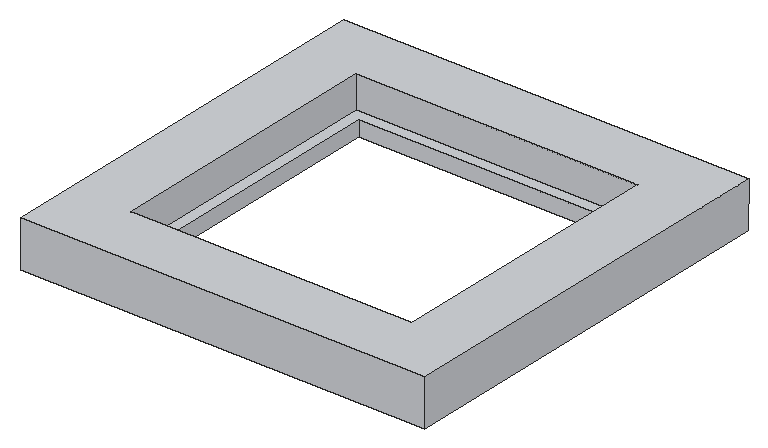
Revit family "Gira_021133", category Electrical Fixtures, host Face, Revit 2017
Family settings
  Host = Face
  Maintain Annotation Orientation = No
  Round Connector Dimension = Use Diameter
  Part Type = Normal
  Cut with Voids When Loaded = No
  Shared = No
  Room Calculation Point = No
Parameters
  Werkstoffgüte = "edelstahl"
  Werkstoff = "Metall"
  Verfügbar = "Ja"
  URL = "http://katalog.gira.de/de_DE/datenblatt.html?artikelnr=021133"
  Transparent = "Nein"
  Textfeld/Beschriftungsfläche = "Nein"
  Schutzart (IP) = "IP20"
  Region = "DE"
  Oberfläche = "sonstige"
  Name = "Abdeckrahmen 1f Gira E2 Edelstahl"
  Montagerichtung = "horizontal und vertikal"
  Mit Montagerahmen = "Nein"
  Mit Klappdeckel = "Nein"
  Manufacturer URL = "https://www.gira.de/"
  Kategorie = "Abdeckrahmen"
  Manufacturer = "Gira"
  HeinzeBIM = "https://bimportal.heinze.de/bim/abdeckrahmen-1f-gira-e2-edelstahl/577b57389ac0d764f240dbd69b3ebc6050a6b185"
  Halogenfrei = "Nein"
  HAN = "021133"
  Geeignet für Unterputz-Installation = "Ja"
  Geeignet für Unterflurkanaldose = "Nein"
  Geeignet für Geräteeinbaukanal = "Nein"
  Geeignet für Einbauinstallation = "Nein"
  GTIN = "4010337019794"
  Farbe = "edelstahl"
  Description = "Abdeckrahmen Gira E2 Edelstahl 1fach Hinweise : - Auch für Kanalinstallationen geeignet. - Abdeckrahmen (1- bis 5fach) in Verbindung mit Dichtungsset auch für die Montage wassergeschützt Unterputz IP44 geeignet."
  Data sheet (1) = "https://katalog.gira.de/de_DE/download.html?artikelnr=021133"
  Category = "Abdeckrahmen"
  Befestigungsart = "Klemmbefestigung"
  Keynote = "E2_Rahmen_1fach"
  Default Elevation = 1219.2 mm
  BIM (1) = "https://media.live.bim.site/public/gira/9fde4c0/E2_Rahmen_1fach.rfa"
  Available = "Yes"
  Anzahl der Einheiten vertikal = "1 "
  Anzahl der Einheiten horizontal = "1 "
  Anzahl der Einheiten = "1 "
Reference planes
  plane 1 "Center (Front/Back)": y = 0
  plane 2: z = 0
  plane 3 "Center (Left/Right)": x = 0
Forms (mm)
  Extrusion 1, solid, detail levels fine
    sketch origin (0, 0, 0) x (1, 0, 0) y (0, 1, 0)
      loop
        line (40.4, 40.4) -> (-40.4, 40.4) -> (-40.4, -40.4) -> (40.4, -40.4) -> (40.4, 40.4)
      loop
        line (-28.152, 28.1) -> (-28.152, -28.152) -> (28.1, -28.152) -> (28.1, 28.1) -> (-28.152, 28.1)
    from 0 to 9.3
  Extrusion 2, solid, detail levels fine
    sketch origin (0, 0, 0) x (1, 0, 0) y (0, 1, 0)
      loop
        line (-28.152, -28.152) -> (28.1, -28.152) -> (28.1, 28.1) -> (-28.152, 28.1) -> (-28.152, -28.152)
      loop
        line (25.7, -25.7) -> (25.7, 25.7) -> (-25.7, 25.7) -> (-25.7, -25.7) -> (25.7, -25.7)
    from 0 to 3
  Extrusion 3, solid, detail levels coarse+medium
    sketch origin (0, 0, 0) x (1, 0, 0) y (0, 1, 0)
      loop
        line (40.4, 40.4) -> (-40.4, 40.4) -> (-40.4, -40.4) -> (40.4, -40.4) -> (40.4, 40.4)
    from 0 to 9.3
Dimensions and locks
  aligned and locked: plane 2 to host face
  aligned and locked: level to host face
